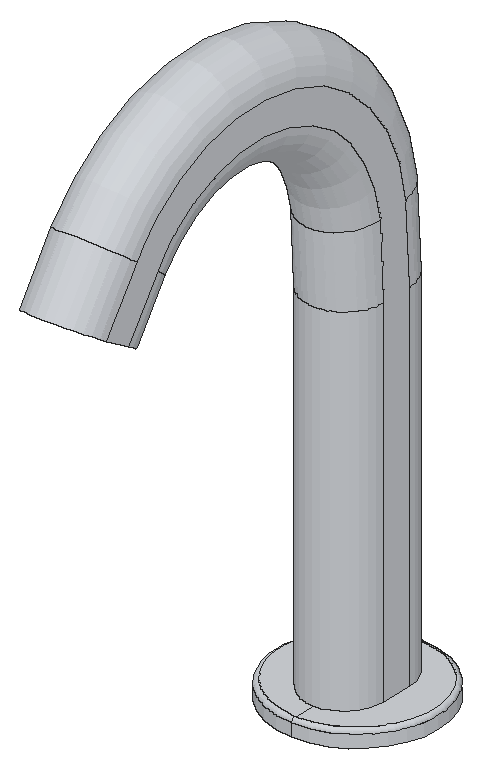
Revit family "Faucet_Touchless-Lavatory-KOHLER-Oblo-K-9328T_1", category Plumbing Fixtures, host Face, Revit 2021
Family settings
  Host = Face
  Round Connector Dimension = Use Diameter
  Part Type = Normal
  OmniClass Number = 23.31.11.00
  OmniClass Title = Faucets
  Cut with Voids When Loaded = No
  Shared = No
  Room Calculation Point = No
Parameters (values of type "Without Power Box, CP-Polished Chrome")
  Width = 2 73/256"  # constant formula
  WaterSense Certified = 1 = 0  # no
  Waste Water Outlet = "Waste Water Outlet"  # constant formula
  Waste Connection = 1 = 0  # no
  Voltage = 220 V  # constant formula
  Vent Connection = 1 = 0  # no
  URL = "http://www.kohler.com.cn/"
  Type = 1
  Spout Reach = 4 251/256"  # constant formula
  Product Page URL = "https://www.kohler.com.cn/product/K-9328T-NW/K-9328T-NW-CP/"
  Product Name = "Oblo"  # constant formula
  Product Documentation Link = "https://files.kohler.com.cn/pdfs/1655384284457_K-9328T-NW-CP.pdf"
  Pressure = 60.00 psi  # constant formula
  Model = if(Type = 1, "K-9328T-NW-CP", if(Type = 2, "K-9328T-CP", "NA"))  # "K-9328T-NW-CP"
  Material = "Brass Construction"  # constant formula
  Master Format 2014 Name = "Residential Faucets, Supplies, and Trim"  # constant formula
  Master Format 2014 = "22 41 39"  # constant formula
  Manufacturer Address = "Kohler Beijing Office (100016)36-2-03-B, No. 88, Liuxiang Road, Beijing"  # constant formula
  Manufacturer = "Kohler Co."  # constant formula
  Length = Spout Reach  # 4 251/256"
  Hot Water Inlet = "Hot Water Inlet"  # constant formula
  Height = 9 61/256"  # constant formula
  HW Connection = 1 = 0  # no
  Flow Rate = 0.5 GPM  # constant formula
  Finish = Kohler-Metal-CP-Polished_Chrome
  Environmental Product Declaration = ""
  Electrical Note = "One Dedicated Circuit Required"  # constant formula
  Electrical Connector = 1 = 1  # yes
  Drain Included = 1 = 1  # yes
  Description = if(Type = 1, "Basin Sensor Faucet - Cooling Only, 1.9 Liters (without Power Box)", if(Type = 2, "Basin Sensor Faucet - AC (Single cooling type with AC power box)", "NA"))  # "Basin Sensor Faucet - Cooling Only, 1.9 Liters (without Power Box)"
  Default Elevation = 36"
  Declare Label = ""
  Date Modified = "12/12/2022"  # constant formula
  Date Created = "11/23/2020"  # constant formula
  Copyright = "Copyright Kohler Co."  # constant formula
  Contact Us = "http://www.kohler.com.cn/contact/contact-us/"
  Cold Water Inlet = "Cold Water Inlet"  # constant formula
  CW Connection = 1 = 1  # yes
  Assembly Code = "D2010"
  Apparent Load = 0 VA
  ADA Compliant = 1 = 0  # no
Types (3): name | Type | Product Page URL | Product Documentation Link | Model | Description
  (no name) | 1 | "https://www.kohler.com.cn/product/K-9328T-NW/K-9328T-NW-CP/" | "https://files.kohler.com.cn/pdfs/1655384284457_K-9328T-NW-CP.pdf" | "K-9328T-NW-CP" | "Basin Sensor Faucet - Cooling Only, 1.9 Liters (without Power Box)"
  Without Power Box, CP-Polished Chrome | 1 | "https://www.kohler.com.cn/product/K-9328T-NW/K-9328T-NW-CP/" | "https://files.kohler.com.cn/pdfs/1655384284457_K-9328T-NW-CP.pdf" | "K-9328T-NW-CP" | "Basin Sensor Faucet - Cooling Only, 1.9 Liters (without Power Box)"
  With Power Box, CP-Polished Chrome | 2 | "https://www.kohler.com.cn/product/K-9328T-CP/K-9328T-CP/" | "https://files.kohler.com.cn/pdfs/1501143933205_9328T_CP_9329T_CP_sizepic_final-1.pdf" | "K-9328T-CP" | "Basin Sensor Faucet - AC (Single cooling type with AC power box)"
Reference planes
  plane 1 "Center (Front/Back)": y = 0
  plane 2: z = 0
  plane 3 "Center (Left/Right)": x = 0
  plane 4: y = 29
  plane 5: y = -29
  plane 6: x = -29
  plane 7: x = 29.043
  plane 8: x = 14
  plane 9: x = -14
  plane 10: y = -126.504
  plane 11: z = 173.3
  plane 12: through (0, -143.254, 183.744) normal (0, -0.5297, -0.8482)
  plane 13: z = 234.652
  plane 14: z = 6
  plane 15: y = -140.709
  plane 16: y = 19.756
Dimensions and locks
  "Width": plane 6 to plane 7
  "Length": plane 10 to plane 1 "Center (Front/Back)"
  plane 5 to plane 4 = 2.28346"
  plane 9 to plane 8 = 1.10236"
  plane 8 to plane 9 = 1.10236"
  "Height": level to plane 13
  plane 4 to plane 15 = 6.68147"
  plane 14 to level = 0.23622"
  aligned and locked: plane 2 to host face
  aligned and locked: level to host face
Automatic sketch dimensions
  host sketch curve to host sketch curve = 96"  (x2)
Nested families
  nested 1: "K-9328T" at (0, 0, 0), type "K-9328T"
Connectors
  piping at (0, 0, 0), diameter 9.525, driven by "Flow Rate", driven by "Pressure", driven by "CW Connection", driven by "Cold Water Inlet"
    settings: on nested 1, index 1, connector inside diameter 24", connector length 0", flow factor 0, pipe flow 0.5 GPM, pressure drop 60.00 psi, fitting loss kfactor 0, connector angle 0.00°, fixture units 0, engagement length 0", angle of deflection 0.00°, flow configuration 1, flow direction 1, fitting loss method 4, system type 20, joint type 0, gender type 0, connector reference index -1, connector utility 1, adjustable connector no, is connector primary yes, connector description "Cold Water Inlet"
  electrical at (0, 19.756, 0), driven by "Voltage", driven by "Electrical Connector", driven by "Electrical Note"
    settings: on nested 1, index 2, voltage 220 V, apparent load 0 VA, apparent load phase1 0 VA, apparent load phase2 0 VA, apparent load phase3 0 VA, power factor 1, load classification "Power", number of poles 1, system type 30, power factor state 1, is connector primary yes, connector utility yes, sub classification motor no, connector description "One Dedicated Circuit Required"
Definition of nested family "K-9328T"
  Parameters
    Material = none
    Default Elevation = 0"
  Reference planes
    plane 1 "Center (Front/Back)": y = 0
    plane 2: z = 0
    plane 3 "Center (Left/Right)": x = 0
    plane 4: x = 29
    plane 5: y = 29
    plane 6: x = -29
    plane 7: y = -29
    plane 8: y = -126.5
    plane 9: x = 14
    plane 10: x = -14
    plane 11: z = 173.3
    plane 12: z = 234.7
    plane 13 "A": through (0, -107.181, 161.217) normal (0, 0.5297, 0.8482)
    plane 14: y = -140.709
    plane 15: z = 6
    plane 16: y = 19.756
    plane 17: y = -19.756
  Forms (mm)
    Sweep 1, solid, material <- "Material", detail levels medium+fine
      path origin (0, 0, 0) x (0, 1, 0) y (0, 0, 1)
        loop
          line (-19.75, 6) -> (-19.75, 133.016)
          arc (-19.75, 133.016) -> (-20.118, 145.858) -> (-21.223, 158.659) r 223.994
          arc (-21.223, 158.659) -> (-51.366, 193.739) -> (-95.132, 178.782) r 41.251
          arc (-95.132, 178.782) -> (-101.36, 170.139) -> (-107.2, 161.229) r 241.704
      profile origin (0, -19.75, 69.508) x (0, -1, 0) y (1, 0, 0)
        loop
          line (-25.506, -14) -> (-13.978, -14)
          arc (-13.978, -14) -> (0.022, 0) -> (-13.978, 14) r 14
          line (-13.978, 14) -> (-25.506, 14)
          arc (-25.506, 14) -> (-39.506, 0) -> (-25.506, -14) r 14
    Revolve 2, solid, material <- "Material", detail levels medium+fine
      sketch origin (0, 0, 0) x (0, 1, 0) y (0, 0, 1)
        loop
          line (0, 0) -> (29, 0) -> (29, 4.5)
          arc (29, 4.5) -> (28.561, 5.561) -> (27.5, 6) r 1.5
          line (27.5, 6) -> (0, 6) -> (0, 0)
        axis (0, 6) -> (0, 0)
      angle from 0 to 360
    Revolve 3, void
      sketch origin (0, 0, 0) x (0, 1, 0) y (0, 0, 1)
        loop
          arc (-136.357, 180.621) -> (-136.982, 180.174) -> (-137.741, 180.301) r 1.005
          line (-137.741, 180.301) -> (-138.953, 181.058) -> (-139.377, 180.379) -> (-134.553, 177.366) -> (-134.129, 178.045) -> (-135.345, 178.805)
          arc (-135.345, 178.805) -> (-135.789, 179.428) -> (-135.663, 180.183) r 1
          line (-135.663, 180.183) -> (-133.263, 184.025) -> (-133.959, 184.46) -> (-136.357, 180.621)
        axis (-126.924, 172.602) -> (-123.571, 177.972)
      angle from 0 to 360
    Revolve 4, void
      sketch origin (0, 0, 0) x (0, 1, 0) y (0, 0, 1)
        loop
          line (-134.819, 178.476) -> (-126.5, 173.281) -> (-123.902, 177.442) -> (-132.221, 182.637) -> (-134.819, 178.476)
        axis (-126.5, 173.281) -> (-123.902, 177.442)
      angle from 0 to 360
    Extrusion 5, solid, material <- "Material", detail levels medium+fine
      sketch origin (0, 0, 0) x (1, 0, 0) y (0, 1, 0)
        loop
          circle (0, 0) r 6.35
      from 0 to 1.5
    Sweep 6, solid, material <- "Material", detail levels coarse
      path origin (0, 0, 0) x (0, 1, 0) y (0, 0, 1)
        loop
          line (-0.008, 6) -> (-0.008, 141)
          arc (-0.008, 141) -> (-1.787, 160.347) -> (-7.063, 179.046) r 106.116
          arc (-7.063, 179.046) -> (-57.217, 216.945) -> (-113.352, 188.65) r 59.457
          line (-113.352, 188.65) -> (-123.945, 171.686)
      profile origin (0, -0.008, 73.5) x (0, -1, 0) y (1, 0, 0)
        loop
          line (-5.764, -17) -> (5.764, -17)
          arc (5.764, -17) -> (22.764, 0) -> (5.764, 17) r 17
          line (5.764, 17) -> (-5.764, 17)
          arc (-5.764, 17) -> (-22.764, 0) -> (-5.764, -17) r 17
    Revolve 7, solid, material <- "Material", detail levels coarse
      sketch origin (0, 0, 0) x (0, 1, 0) y (0, 0, 1)
        loop
          line (0, 0) -> (29.781, 0) -> (29.781, 5.125)
          arc (29.781, 5.125) -> (29.342, 6.186) -> (28.281, 6.625) r 1.5
          line (28.281, 6.625) -> (0, 6.625) -> (0, 0)
        axis (0, 6.625) -> (0, 0)
      angle from 0 to 360
    Extrusion 8, solid, material <- "Material", detail levels medium+fine
      sketch origin (0, 0, 0) x (1, 0, 0) y (0, 1, 0)
        loop
          circle (0, 19.756) r 4.75
      from 0 to 2.076
    Extrusion 9, solid, detail levels medium+fine
      sketch origin (0, -101.35, 157.576) x (0, 0.848196, -0.529682) y (-1, 0, 0)
        loop
          line (-29.777, 0.748) -> (-28.299, 0.493)
          arc (-28.299, 0.493) -> (-28.35, -0.11) -> (-28.296, -0.713) r 3.5
          line (-28.296, -0.713) -> (-29.774, -0.968)
          arc (-29.774, -0.968) -> (-29.28, -2.418) -> (-28.371, -3.65) r 5
          line (-28.371, -3.65) -> (-27.314, -2.585)
          arc (-27.314, -2.585) -> (-26.849, -2.973) -> (-26.324, -3.275) r 3.5
          line (-26.324, -3.275) -> (-26.964, -4.632)
          arc (-26.964, -4.632) -> (-24.85, -5.1) -> (-22.736, -4.632) r 5
          line (-22.736, -4.632) -> (-23.375, -3.275)
          arc (-23.375, -3.275) -> (-22.85, -2.973) -> (-22.385, -2.585) r 3.5
          line (-22.385, -2.585) -> (-21.328, -3.65)
          arc (-21.328, -3.65) -> (-20.418, -2.416) -> (-19.925, -0.964) r 5
          line (-19.925, -0.964) -> (-21.403, -0.71)
          arc (-21.403, -0.71) -> (-21.35, -0.11) -> (-21.4, 0.49) r 3.5
          line (-21.4, 0.49) -> (-19.922, 0.745)
          arc (-19.922, 0.745) -> (-20.411, 2.201) -> (-21.319, 3.44) r 5
          line (-21.319, 3.44) -> (-22.375, 2.375)
          arc (-22.375, 2.375) -> (-22.841, 2.766) -> (-23.367, 3.07) r 3.5
          line (-23.367, 3.07) -> (-22.728, 4.427)
          arc (-22.728, 4.427) -> (-24.85, 4.9) -> (-26.971, 4.427) r 5
          line (-26.971, 4.427) -> (-26.332, 3.07)
          arc (-26.332, 3.07) -> (-26.858, 2.766) -> (-27.324, 2.375) r 3.5
          line (-27.324, 2.375) -> (-28.381, 3.44)
          arc (-28.381, 3.44) -> (-29.288, 2.202) -> (-29.777, 0.748) r 5
      from 0 to 5
    Revolve 10, void
      sketch origin (0, 0, 0) x (0, 1, 0) y (0, 0, 1)
        loop
          line (-100.633, 166.309) -> (-99.068, 168.811) -> (-103.406, 171.524) -> (-104.971, 169.022) -> (-100.633, 166.309)
        axis (-103.406, 171.524) -> (-99.068, 168.811)
      angle from 0 to 360
    Revolve 11, solid, detail levels medium+fine
      sketch origin (0, 0, 0) x (0, 1, 0) y (0, 0, 1)
        loop
          line (-104.971, 169.022) -> (-102.945, 167.755) -> (-101.38, 170.257) -> (-103.406, 171.524) -> (-104.971, 169.022)
        axis (-103.406, 171.524) -> (-101.38, 170.257)
      angle from 0 to 360
  Cuts and joins
    Revolve 3, Revolve 4, Revolve 10 cuts Sweep 1
    Revolve 3, Revolve 4 cuts Sweep 6
  Lines and regions (mm)
    Masking region 1
      outline origin (0, 0, 0) x (1, 0, 0) y (0, 1, 0)
        loop
          line (-14, -25.397) -> (-14, -128.834)
          spline (-14, -128.834) -> (-13.523, -131.908) -> (-12.124, -134.772) -> (-9.899, -137.231) -> (-7, -139.118) -> (-3.623, -140.305) -> (0, -140.709) -> (3.623, -140.305) -> (7, -139.118) -> (9.899, -137.231) -> (12.124, -134.772) -> (13.523, -131.908) -> (14, -128.834)
          line (14, -128.834) -> (14, -25.397)
          arc (14, -25.397) -> (0, 29) -> (-14, -25.397) r 29
    Masking region 2
      outline origin (0, 0, 0) x (1, 0, 0) y (0, 0, 1)
        loop
          line (29, 0) -> (29, 4.5)
          arc (29, 4.5) -> (28.561, 5.561) -> (27.5, 6) r 1.5
          line (27.5, 6) -> (14, 6) -> (14, 220.705)
          arc (14, 220.705) -> (0, 234.705) -> (-14, 220.705) r 14
          line (-14, 220.705) -> (-14, 6) -> (-27.5, 6)
          arc (-27.5, 6) -> (-28.561, 5.561) -> (-29, 4.5) r 1.5
          line (-29, 4.5) -> (-29, 0) -> (29, 0)
    Masking region 3
      outline origin (0, 0, 0) x (0, 1, 0) y (0, 0, 1)
        loop
          line (-29, 0) -> (29, 0) -> (29, 4.5)
          arc (29, 4.5) -> (28.561, 5.561) -> (27.5, 6) r 1.5
          line (27.5, 6) -> (19.756, 6) -> (19.756, 107.603)
          arc (19.756, 107.603) -> (19.591, 131.709) -> (19.094, 155.812) r 1755.323
          arc (19.094, 155.812) -> (-35.725, 230.334) -> (-124.713, 205.038) r 81.122
          arc (-124.713, 205.038) -> (-133.152, 193.904) -> (-140.709, 182.155) r 181.506
          line (-140.709, 182.155) -> (-107.181, 161.217)
          arc (-107.181, 161.217) -> (-100.766, 171.241) -> (-93.503, 180.668) r 136.77
          arc (-93.503, 180.668) -> (-50.277, 193.524) -> (-21.355, 158.922) r 41.031
          arc (-21.355, 158.922) -> (-20.156, 144.984) -> (-19.756, 131) r 244.593
          line (-19.756, 131) -> (-19.756, 6) -> (-27.5, 6)
          arc (-27.5, 6) -> (-28.561, 5.561) -> (-29, 4.5) r 1.5
          line (-29, 4.5) -> (-29, 0)
    symbolic lines, detail levels medium+fine
      curve 1: line (14, 5.756, 0) -> (14, -23.711, 0)
      curve 2: arc (-14, 5.756, 0) -> (0, 19.756, 0) -> (14, 5.756, 0) r 14
      curve 3: arc (14, -23.711, 0) -> (0, 27.536, 0) -> (-14, -23.711, 0) r 27.536
      curve 4: line (-14, -23.711, 0) -> (-14, 5.756, 0)
      curve 5: line (-14, -23.711, 0) -> (-14, -25.397, 0)
      curve 6: line (14, -23.711, 0) -> (14, -25.397, 0)
      curve 7: line (-14, 0, 6) -> (14, 0, 6)
      curve 8: line (-29, 0, 4.5) -> (29, 0, 4.5)
      curve 9: spline (14, 0, 174.739) -> (13.523, 0, 176.658) -> (12.124, 0, 178.447) -> (9.899, 0, 179.983) -> (7, 0, 181.161) -> (3.623, 0, 181.902) -> (0, 0, 182.155) -> (-3.623, 0, 181.902) -> (-7, 0, 181.161) -> (-9.899, 0, 179.983) -> (-12.124, 0, 178.447) -> (-13.523, 0, 176.658) -> (-14, 0, 174.739)
      curve 10: spline (-14, 0, 168.633) -> (-13.523, 0, 166.713) -> (-12.124, 0, 164.925) -> (-9.899, 0, 163.389) -> (-7, 0, 162.211) -> (-3.623, 0, 161.47) -> (0, 0, 161.217) -> (3.623, 0, 161.47) -> (7, 0, 162.211) -> (9.899, 0, 163.389) -> (12.124, 0, 164.925) -> (13.523, 0, 166.713) -> (14, 0, 168.633)
      curve 11: spline (0, 0, 178.476) -> (2.538, 0, 178.299) -> (4.904, 0, 177.78) -> (6.935, 0, 176.955) -> (8.494, 0, 175.879) -> (9.474, 0, 174.626) -> (9.808, 0, 173.281) -> (9.474, 0, 171.937) -> (8.494, 0, 170.684) -> (6.935, 0, 169.608) -> (4.904, 0, 168.782) -> (2.538, 0, 168.263) -> (0, 0, 168.086)
      curve 12: spline (0, 0, 168.086) -> (-2.538, 0, 168.263) -> (-4.904, 0, 168.782) -> (-6.935, 0, 169.608) -> (-8.494, 0, 170.684) -> (-9.474, 0, 171.937) -> (-9.808, 0, 173.281) -> (-9.474, 0, 174.626) -> (-8.494, 0, 175.879) -> (-6.935, 0, 176.955) -> (-4.904, 0, 177.78) -> (-2.538, 0, 178.299) -> (0, 0, 178.476)
      curve 13: arc (-8.145, 0, 178.573) -> (-4.156, 0, 179.791) -> (0, 0, 180.149) r 19.838
      curve 14: arc (-10.961, 0, 176.749) -> (-9.632, 0, 177.783) -> (-8.145, 0, 178.573) r 9.756
      curve 15: arc (-12.298, 0, 173.3) -> (-12.028, 0, 175.179) -> (-10.961, 0, 176.749) r 4.221
      curve 16: arc (8.145, 0, 178.573) -> (4.156, 0, 179.791) -> (0, 0, 180.149) r 19.838
      curve 17: arc (10.961, 0, 176.749) -> (9.632, 0, 177.783) -> (8.145, 0, 178.573) r 9.756
      curve 18: arc (12.298, 0, 173.3) -> (12.028, 0, 175.179) -> (10.961, 0, 176.749) r 4.221
      curve 19: arc (0, 0, 167.604) -> (-4.642, 0, 168.102) -> (-8.911, 0, 169.992) r 15.124
      curve 20: arc (-8.911, 0, 169.992) -> (-10.021, 0, 170.914) -> (-10.876, 0, 172.077) r 5.937
      curve 21: arc (-10.876, 0, 172.077) -> (-11.149, 0, 172.671) -> (-11.323, 0, 173.3) r 4.069
      curve 22: arc (-11.323, 0, 173.3) -> (-11.495, 0, 174.746) -> (-11.457, 0, 176.202) r 10.096
      curve 23: arc (0, 0, 167.604) -> (4.642, 0, 168.102) -> (8.911, 0, 169.992) r 15.124
      curve 24: arc (8.911, 0, 169.992) -> (10.021, 0, 170.914) -> (10.876, 0, 172.077) r 5.937
      curve 25: arc (10.876, 0, 172.077) -> (11.149, 0, 172.671) -> (11.323, 0, 173.3) r 4.069
      curve 26: arc (11.323, 0, 173.3) -> (11.495, 0, 174.746) -> (11.457, 0, 176.202) r 10.096
      curve 27: line (0, 19.756, 6) -> (0, -19.756, 6)
      curve 28: line (0, 29, 4.5) -> (0, -29, 4.5)
      curve 29: arc (-14, -116.5, 169.724) -> (0, -123.514, 169.724) -> (14, -116.5, 169.724) r 17.48
      curve 30: arc (14, 0, 199.7) -> (0, 0, 202.818) -> (-14, 0, 199.7) r 32.99
      curve 31: arc (3.378, 0, 191.623) -> (0.084, 0, 190.665) -> (-3.238, 0, 191.517) r 6.5
      curve 32: arc (2.073, 0, 193.168) -> (0.102, 0, 192.787) -> (-1.86, 0, 193.212) r 5
      curve 33: arc (2.717, 0, 192.406) -> (0.113, 0, 191.835) -> (-2.48, 0, 192.449) r 6
      curve 34: arc (4.01, 0, 190.874) -> (0.093, 0, 189.782) -> (-3.856, 0, 190.758) r 8
      curve 35: line (-0.336, -131.613, 169.724) -> (0.367, -131.613, 169.724)
      curve 36: line (-0.336, -132.429, 169.724) -> (-0.336, -131.613, 169.724)
      curve 37: line (0.367, -132.429, 169.724) -> (-0.336, -132.429, 169.724)
      curve 38: line (0.367, -131.613, 169.724) -> (0.367, -132.429, 169.724)
      curve 39: line (-1.183, -132.94, 169.724) -> (-1.623, -133.463, 169.724)
      curve 40: line (1.183, -132.94, 169.724) -> (1.623, -133.463, 169.724)
      curve 41: arc (-1.183, -132.94, 169.724) -> (0, -133.135, 169.724) -> (1.183, -132.94, 169.724) r 3.679
      curve 42: arc (-1.623, -133.463, 169.724) -> (0, -133.791, 169.724) -> (1.623, -133.463, 169.724) r 4.179
      curve 43: arc (-2.101, -134.033, 169.724) -> (0, -134.479, 169.724) -> (2.101, -134.033, 169.724) r 5.179
      curve 44: arc (-2.528, -134.542, 169.724) -> (0, -135.135, 169.724) -> (2.528, -134.542, 169.724) r 5.679
      curve 45: line (-2.101, -134.033, 169.724) -> (-2.528, -134.542, 169.724)
      curve 46: line (2.101, -134.033, 169.724) -> (2.528, -134.542, 169.724)
      curve 47: line (-0.607, 0, 195.091) -> (0.578, 0, 195.091)
      curve 48: line (-0.607, 0, 194.078) -> (-0.607, 0, 195.091)
      curve 49: line (0.578, 0, 194.078) -> (-0.607, 0, 194.078)
      curve 50: line (0.578, 0, 195.091) -> (0.578, 0, 194.078)
      curve 51: line (-1.86, 0, 193.212) -> (-2.48, 0, 192.449)
      curve 52: line (2.073, 0, 193.168) -> (2.717, 0, 192.406)
      curve 53: line (-3.238, 0, 191.517) -> (-3.856, 0, 190.758)
      curve 54: line (3.378, 0, 191.623) -> (4.01, 0, 190.874)
      curve 55: spline (-4.427, 0, 172.331) -> (-4.57, 0, 172.153) -> (-4.688, 0, 171.969) -> (-4.78, 0, 171.782) -> (-4.846, 0, 171.592) -> (-4.886, 0, 171.4) -> (-4.9, 0, 171.207) -> (-4.886, 0, 171.013) -> (-4.846, 0, 170.821) -> (-4.78, 0, 170.631) -> (-4.688, 0, 170.444) -> (-4.57, 0, 170.261) -> (-4.427, 0, 170.083)
      curve 56: line (-4.427, 0, 170.083) -> (-3.07, 0, 170.422)
      curve 57: spline (-3.07, 0, 170.422) -> (-3.026, 0, 170.373) -> (-2.979, 0, 170.326) -> (-2.929, 0, 170.279) -> (-2.877, 0, 170.233) -> (-2.823, 0, 170.187) -> (-2.766, 0, 170.143) -> (-2.706, 0, 170.099) -> (-2.644, 0, 170.057) -> (-2.58, 0, 170.015) -> (-2.514, 0, 169.974) -> (-2.445, 0, 169.935) -> (-2.375, 0, 169.896)
      curve 58: line (-2.375, 0, 169.896) -> (-3.44, 0, 169.336)
      curve 59: spline (-3.44, 0, 169.336) -> (-3.254, 0, 169.243) -> (-3.059, 0, 169.154) -> (-2.855, 0, 169.071) -> (-2.644, 0, 168.993) -> (-2.426, 0, 168.921) -> (-2.201, 0, 168.855) -> (-1.97, 0, 168.796) -> (-1.733, 0, 168.743) -> (-1.492, 0, 168.696) -> (-1.246, 0, 168.656) -> (-0.997, 0, 168.623) -> (-0.745, 0, 168.596)
      curve 60: line (-0.745, 0, 168.596) -> (-0.49, 0, 169.379)
      curve 61: spline (-0.49, 0, 169.379) -> (-0.391, 0, 169.371) -> (-0.291, 0, 169.364) -> (-0.191, 0, 169.359) -> (-0.091, 0, 169.356) -> (0.01, 0, 169.353) -> (0.11, 0, 169.353) -> (0.211, 0, 169.354) -> (0.311, 0, 169.356) -> (0.411, 0, 169.36) -> (0.511, 0, 169.366) -> (0.611, 0, 169.373) -> (0.71, 0, 169.381)
      curve 62: line (0.71, 0, 169.381) -> (0.964, 0, 168.598)
      curve 63: spline (0.964, 0, 168.598) -> (1.216, 0, 168.625) -> (1.464, 0, 168.659) -> (1.709, 0, 168.699) -> (1.95, 0, 168.746) -> (2.186, 0, 168.8) -> (2.416, 0, 168.859) -> (2.641, 0, 168.926) -> (2.858, 0, 168.998) -> (3.068, 0, 169.075) -> (3.271, 0, 169.159) -> (3.465, 0, 169.248) -> (3.65, 0, 169.342)
      curve 64: line (3.65, 0, 169.342) -> (2.585, 0, 169.901)
      curve 65: spline (2.585, 0, 169.901) -> (2.655, 0, 169.94) -> (2.723, 0, 169.979) -> (2.789, 0, 170.02) -> (2.853, 0, 170.062) -> (2.914, 0, 170.104) -> (2.973, 0, 170.148) -> (3.03, 0, 170.192) -> (3.084, 0, 170.237) -> (3.135, 0, 170.283) -> (3.184, 0, 170.33) -> (3.231, 0, 170.377) -> (3.275, 0, 170.426)
      curve 66: line (3.275, 0, 170.426) -> (4.632, 0, 170.087)
      curve 67: spline (4.632, 0, 170.087) -> (4.773, 0, 170.264) -> (4.89, 0, 170.447) -> (4.982, 0, 170.633) -> (5.048, 0, 170.823) -> (5.087, 0, 171.014) -> (5.1, 0, 171.207) -> (5.087, 0, 171.399) -> (5.048, 0, 171.591) -> (4.982, 0, 171.78) -> (4.89, 0, 171.967) -> (4.773, 0, 172.149) -> (4.632, 0, 172.327)
      curve 68: line (4.632, 0, 172.327) -> (3.275, 0, 171.988)
      curve 69: spline (3.275, 0, 171.988) -> (3.231, 0, 172.036) -> (3.184, 0, 172.084) -> (3.135, 0, 172.13) -> (3.084, 0, 172.176) -> (3.03, 0, 172.222) -> (2.973, 0, 172.266) -> (2.914, 0, 172.309) -> (2.853, 0, 172.352) -> (2.789, 0, 172.394) -> (2.723, 0, 172.434) -> (2.655, 0, 172.474) -> (2.585, 0, 172.512)
      curve 70: line (2.585, 0, 172.512) -> (3.65, 0, 173.072)
      curve 71: spline (3.65, 0, 173.072) -> (3.465, 0, 173.166) -> (3.271, 0, 173.254) -> (3.069, 0, 173.338) -> (2.859, 0, 173.416) -> (2.642, 0, 173.488) -> (2.418, 0, 173.554) -> (2.188, 0, 173.613) -> (1.952, 0, 173.667) -> (1.712, 0, 173.714) -> (1.467, 0, 173.754) -> (1.219, 0, 173.788) -> (0.968, 0, 173.815)
      curve 72: line (0.968, 0, 173.815) -> (0.713, 0, 173.032)
      curve 73: spline (0.713, 0, 173.032) -> (0.613, 0, 173.041) -> (0.513, 0, 173.048) -> (0.413, 0, 173.053) -> (0.312, 0, 173.057) -> (0.211, 0, 173.06) -> (0.11, 0, 173.061) -> (0.009, 0, 173.06) -> (-0.092, 0, 173.058) -> (-0.193, 0, 173.054) -> (-0.293, 0, 173.049) -> (-0.393, 0, 173.042) -> (-0.493, 0, 173.034)
      curve 74: line (-0.493, 0, 173.034) -> (-0.748, 0, 173.817)
      curve 75: spline (-0.748, 0, 173.817) -> (-1, 0, 173.79) -> (-1.249, 0, 173.757) -> (-1.494, 0, 173.717) -> (-1.735, 0, 173.67) -> (-1.971, 0, 173.617) -> (-2.202, 0, 173.558) -> (-2.427, 0, 173.492) -> (-2.645, 0, 173.42) -> (-2.856, 0, 173.343) -> (-3.059, 0, 173.259) -> (-3.254, 0, 173.171) -> (-3.44, 0, 173.077)
      curve 76: line (-3.44, 0, 173.077) -> (-2.375, 0, 172.517)
      curve 77: spline (-2.375, 0, 172.517) -> (-2.445, 0, 172.479) -> (-2.514, 0, 172.439) -> (-2.58, 0, 172.399) -> (-2.644, 0, 172.357) -> (-2.706, 0, 172.314) -> (-2.766, 0, 172.271) -> (-2.823, 0, 172.226) -> (-2.877, 0, 172.181) -> (-2.929, 0, 172.135) -> (-2.979, 0, 172.088) -> (-3.026, 0, 172.04) -> (-3.07, 0, 171.992)
      curve 78: line (-3.07, 0, 171.992) -> (-4.427, 0, 172.331)
      curve 79: spline (12.298, 0, 173.3) -> (11.879, 0, 171.826) -> (10.651, 0, 170.452) -> (8.696, 0, 169.272) -> (6.149, 0, 168.367) -> (3.183, 0, 167.798) -> (0, 0, 167.604) -> (-3.183, 0, 167.798) -> (-6.149, 0, 168.367) -> (-8.696, 0, 169.272) -> (-10.651, 0, 170.452) -> (-11.879, 0, 171.826) -> (-12.298, 0, 173.3)
  Dimensions and locks
    plane 8 to plane 1 "Center (Front/Back)" = 4.98031"
    plane 12 to level = 9.24016"
    plane 5 to plane 14 = 6.68147"
    aligned and locked: level to plane 2
